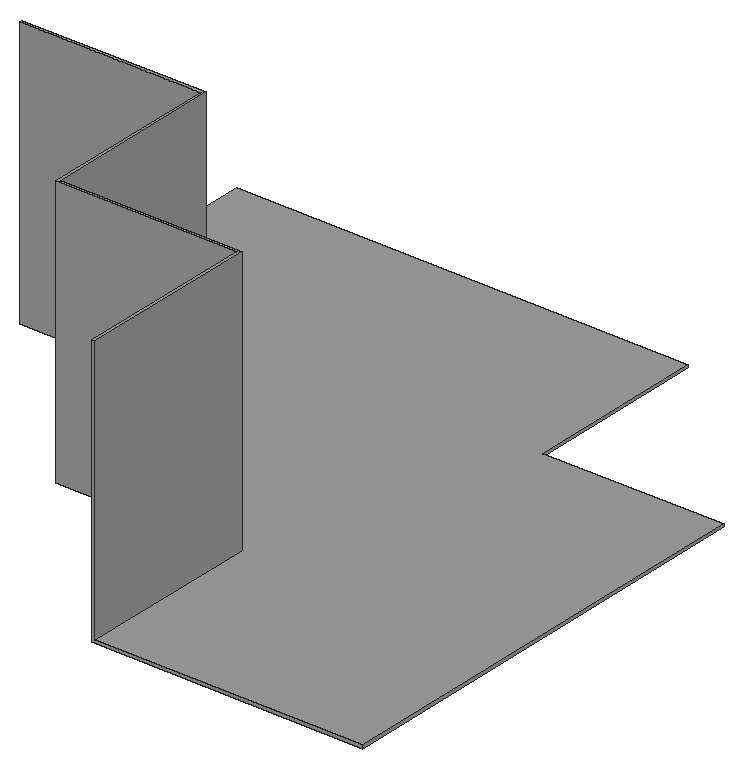
Revit family "Flashing_Preformed_Hyload_Type444", category Generic Models, Revit 2015
Parameters (values of type "As Specified")
  Unit Width = 0' - 8"
  Unit Height = 0' - 6"
  Unit Depth = 0' - 4"
  URL = "http://www.hyload.com/"
  Thickness = 0' - 0 1/16"
  Specification = "http://www.arcat.com/sdspecs/htm04/07_65_00hyl.htm"
  Sales Information = "http://www.hyload.com/contact-us"
  Revision = "R1_12-2015"
  Product Properties = "http://www.hyload.com/masonry-flashing/preformed-shapes/"
  Product Data = "http://www.arcat.com/arcatcos/cos33/arc33176.html"
  Model = "Type 444"
  Manufacturer Website = "http://www.hyload.com/"
  Manufacturer Phone - Toll Free = "800-457-4056"
  Manufacturer Phone = "330-769-3546"
  Manufacturer Fax = "330-769-4153"
  Manufacturer Address = "5020 Panther Pkwy., Seville, OH 44273"
  Manufacturer = "Hyload"
  Keynote = "07 65 00"
  Flashing Material = Hyload Flashing Membrane - Grey
  Drawn By = "Robert S. Weygant / Sumex Design"
  Description = "Preformed Hyload Masonry Flashing - Type 444"
  Copyright = "(c) ARCAT, Inc, 2015"
  Construction Details = "http://www.arcat.com/details/hyload/hyload.html?coid=33176"
  Assembly Code = "B3010400"
Reference planes (in)
  plane 1 "Center (Front/Back)": y = 0
  plane 2: z = 0
  plane 3 "Center (Left/Right)": x = 0
  plane 4: y = 4
  plane 5: x = 4
  plane 6: z = 6
  plane 7: y = -4
  plane 8: x = -4
Forms (in)
  Sweep 1, solid, material "Hyload Flashing Membrane - Grey" <- "Flashing Material"
    path origin (0, 0, 0) x (1, 0, 0) y (0, 1, 0)
      loop
        line (0, -4) -> (0, 0) -> (-4, 0) -> (-4, 4) -> (-8, 4)
    profile origin (0, -2, 0) x (-1, 0, 0) y (0, 0, 1)
      loop
        line (0, 0) -> (0, 6) -> (-0.0625, 6) -> (-0.0625, 0.0625) -> (-6, 0.0625) -> (-6, 0) -> (0, 0)
Dimensions and locks (in)
  "Unit Depth": plane 1 "Center (Front/Back)" to plane 4
  "Unit Depth": plane 3 "Center (Left/Right)" to plane 5
  "Thickness": Sweep 1 sketch curve to plane 3 "Center (Left/Right)"
  "Thickness": Sweep 1 sketch curve to level
  "Unit Height": plane 6 to level
  "Unit Width": plane 8 to plane 5
  "Unit Width": plane 4 to plane 7
  aligned and locked: plane 2 to level
  aligned and locked: Sweep 1 sketch curve to plane 1 "Center (Front/Back)"
  aligned and locked: plane 3 "Center (Left/Right)" to Sweep 1 sketch curve
  aligned and locked: Sweep 1 sketch curve to level
  aligned and locked: plane 6 to Sweep 1 sketch curve
  aligned and locked: plane 7 to Sweep 1 sketch curve
  aligned and locked: plane 4 to Sweep 1 sketch curve
  aligned and locked: plane 8 to Sweep 1 sketch curve
Automatic sketch dimensions
  Sweep 1 sketch curve to profile plane = 0' - 0"
  Sweep 1 sketch curve to Sweep 1 sketch curve = 0' - 5 15/16"
  Sweep 1 sketch curve to Sweep 1 sketch curve = 0' - 4"
